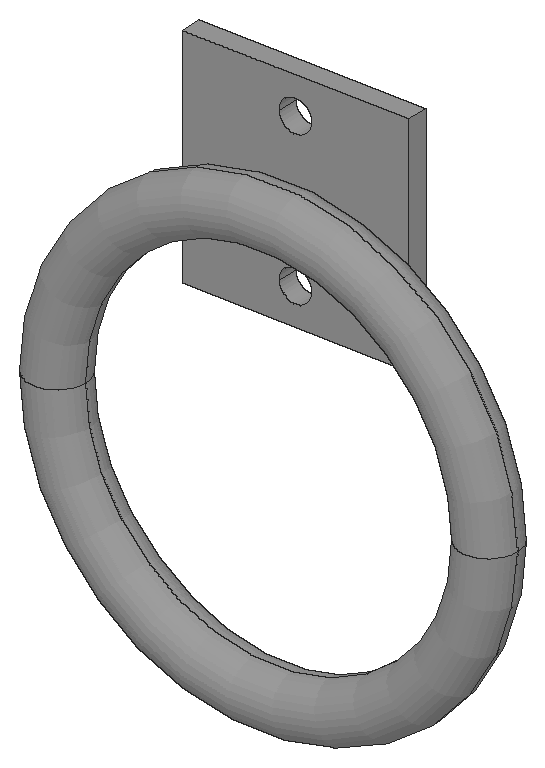
Revit family "GD HANDLE 1", category Generic Models, Revit 2013
Parameters
  Handle Height [instance] = 923.87 mm
  Handle Finish = Default
Reference planes
  plane 1 "Center (Front/Back)": y = 0
  plane 2: z = 0
  plane 3 "Center (Left/Right)": x = 0
  plane 4: z = 923.87
  plane 5: z = 951.37
  plane 6: z = 896.37
  plane 7: x = -27.5
  plane 8: x = 27.5
  plane 9 "Handle Center": z = 871.37
Forms (mm)
  Extrusion 1, solid, material "Default" <- "Handle Finish"
    sketch origin (0, 0, 0) x (1, 0, 0) y (0, 0, 1)
      loop
        line (-27.5, 951.37) -> (-27.5, 896.37) -> (27.5, 896.37) -> (27.5, 951.37) -> (-27.5, 951.37)
    from 0 to 5
  Revolve 2, solid, material "Default" <- "Handle Finish"
    sketch origin (0, 0, 871.37) x (-1, 0, 0) y (0, -1, 0)
      loop
        circle (52.5, 12) r 7
      axis (0, 12) -> (0, 13)
    angle from 0 to 360
  Extrusion 3, void
    sketch origin (0, 0, 0) x (1, 0, 0) y (0, 0, 1)
      loop
        circle (0, 942.37) r 4
      loop
        circle (0, 905.37) r 4
    from 0 to 5
Cuts and joins
  Extrusion 3 cuts Extrusion 1
Dimensions and locks
  "Handle Height": plane 4 to plane 2
  equal spacing: plane 5, plane 4, plane 6
  equal spacing: plane 8, plane 3 "Center (Left/Right)", plane 7
  locked: plane 4 to plane 9 "Handle Center" at 52.5
  locked: plane 5 to plane 6 at 55
  locked: plane 8 to plane 7 at 55
  aligned and locked: level to plane 2
Automatic sketch dimensions
  Extrusion 1 sketch curve to plane 6 = 0 mm
  Extrusion 1 sketch curve to plane 7 = 0 mm
  Extrusion 1 sketch curve to plane 8 = 0 mm
  Extrusion 1 sketch curve to plane 5 = 0 mm
  Revolve 2 sketch curve to plane 3 "Center (Left/Right)" = 0 mm
  Revolve 2 sketch curve to plane 7 = 25 mm
  plane 1 "Center (Front/Back)" to Revolve 2 sketch curve = 12 mm
  plane 1 "Center (Front/Back)" to Revolve 2 sketch curve = 5 mm
  Revolve 2 sketch curve to Revolve 2 sketch curve = 40 mm
  Extrusion 3 sketch curve to plane 3 "Center (Left/Right)" = 0 mm  (x2)
  Extrusion 3 sketch curve to plane 6 = 9 mm
  Extrusion 3 sketch curve to plane 5 = 9 mm
  radius of Revolve 2 sketch curve = 7 mm
  radius of Extrusion 3 sketch curve = 4 mm  (x2)
